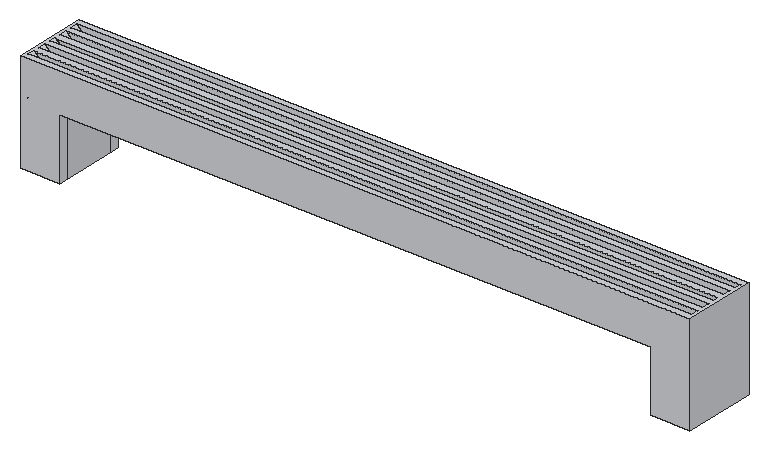
Revit family "SP06", category Mechanical Equipment, Revit 2017
Family settings
  Round Connector Dimension = Use Diameter
  Part Type = Normal
  OmniClass Number = 23.75.00.00
  OmniClass Title = Climate Control (HVAC)
  Work Plane-Based = No
  Always vertical = Yes
  Cut with Voids When Loaded = No
  Shared = No
  Room Calculation Point = No
Parameters
  Width = 131 mm
  Length = 1200 mm
  Leg height = 180 mm
  Height = 180 mm
Reference planes
  plane 1 "Center (Front/Back)": y = 0
  plane 2: z = 0
  plane 3 "Center (Left/Right)": x = 0
  plane 4: x = 0
  plane 5: x = -600
  plane 6: x = 600
  plane 7: x = -595
  plane 8: x = -580
  plane 9: x = 595
  plane 10: x = 580
  plane 11: x = 597
  plane 12: x = -597
  plane 13: z = 180
  plane 14: z = 165
  plane 15: z = 125
  plane 16: z = 110
  plane 17: y = -3
  plane 18: y = -131
  plane 19: y = -128
  plane 20: y = -113
  plane 21: y = -18
  plane 22: x = -530
  plane 23: x = 530
  plane 24: x = -533
  plane 25: x = 533
  plane 26 "Center": y = -65.5
Forms (mm)
  Extrusion 1, solid
    sketch origin (0, 0, 0) x (1, 0, 0) y (0, 0, 1)
      loop
        line (-600, 180) -> (-600, 110) -> (-595, 110) -> (-580, 125) -> (-580, 165) -> (-595, 180) -> (-600, 180)
      loop
        line (600, 180) -> (595, 180) -> (580, 165) -> (580, 125) -> (595, 110) -> (600, 110) -> (600, 180)
    from 0 to 131
  Extrusion 2, solid
    sketch origin (0, 0, 0) x (1, 0, 0) y (0, 1, 0)
      loop
        line (530, -18) -> (533, -18) -> (533, -3) -> (597, -3) -> (597, -128) -> (533, -128) -> (533, -113) -> (530, -113) -> (530, -131) -> (600, -131) -> (600, 0) -> (530, 0) -> (530, -18)
      loop
        line (-530, -18) -> (-530, 0) -> (-600, 0) -> (-600, -131) -> (-530, -131) -> (-530, -113) -> (-533, -113) -> (-533, -128) -> (-597, -128) -> (-597, -3) -> (-533, -3) -> (-533, -18) -> (-530, -18)
    from 0 to 110
  Extrusion 3, solid
    sketch origin (0, 0, 0) x (1, 0, 0) y (0, 1, 0)
      loop
        line (-595, 0) -> (-595, -11) -> (595, -11) -> (595, 0) -> (-595, 0)
    from 110 to 180
  Extrusion 4, solid
    sketch origin (0, -24, 0) x (1, 0, 0) y (0, 1, 0)
      loop
        line (-595, 0) -> (-595, -11) -> (595, -11) -> (595, 0) -> (-595, 0)
    from 110 to 180
  Extrusion 5, solid
    sketch origin (0, -48, 0) x (1, 0, 0) y (0, 1, 0)
      loop
        line (-595, 0) -> (-595, -11) -> (595, -11) -> (595, 0) -> (-595, 0)
    from 110 to 180
  Extrusion 6, solid
    sketch origin (0, -72, 0) x (1, 0, 0) y (0, 1, 0)
      loop
        line (-595, 0) -> (-595, -11) -> (595, -11) -> (595, 0) -> (-595, 0)
    from 110 to 180
  Extrusion 7, solid
    sketch origin (0, -96, 0) x (1, 0, 0) y (0, 1, 0)
      loop
        line (-595, 0) -> (-595, -11) -> (595, -11) -> (595, 0) -> (-595, 0)
    from 110 to 180
  Extrusion 8, solid
    sketch origin (0, -120, 0) x (1, 0, 0) y (0, 1, 0)
      loop
        line (-595, 0) -> (-595, -11) -> (595, -11) -> (595, 0) -> (-595, 0)
    from 110 to 180
  Extrusion 9, solid
    sketch origin (0, 0, 0) x (1, 0, 0) y (0, 1, 0)
      loop
        circle (-553, -53.5) r 10.5
      loop
        circle (-553, -77.5) r 10.5
      loop
        circle (553, -53.5) r 10.5
      loop
        circle (553, -77.5) r 10.5
    from 95 to 110
  Extrusion 10, solid
    sketch origin (0, 0, 0) x (1, 0, 0) y (0, 1, 0)
      loop
        line (-533, -18) -> (-533, -113) -> (-530, -113) -> (-530, -18) -> (-533, -18)
      loop
        line (533, -18) -> (530, -18) -> (530, -113) -> (533, -113) -> (533, -18)
    from 0 to 110
Cuts and joins
  joined: Extrusion 1, Extrusion 2, Extrusion 3, Extrusion 4, Extrusion 5, Extrusion 6, Extrusion 7, Extrusion 8
Dimensions and locks
  equal spacing: plane 5, plane 4, plane 6
  "Length": plane 5 to plane 6
  locked: plane 7 to plane 8 at 15
  locked: plane 5 to plane 7 at 5
  locked: plane 9 to plane 10 at 15
  locked: plane 6 to plane 9 at 5
  locked: plane 11 to plane 6 at 3
  locked: plane 5 to plane 12 at 3
  "Height": plane 13 to level
  locked: plane 13 to plane 14 at 15
  locked: plane 13 to plane 16 at 70
  locked: plane 15 to plane 16 at 15
  "Width": plane 18 to plane 1 "Center (Front/Back)"
  locked: plane 23 to plane 6 at 70
  locked: plane 17 to plane 1 "Center (Front/Back)" at 3
  locked: plane 19 to plane 18 at 3
  locked: plane 21 to plane 1 "Center (Front/Back)" at 18
  locked: plane 20 to plane 18 at 18
  locked: plane 24 to plane 22 at 3
  locked: plane 23 to plane 25 at 3
  Extrusion 3 sketch curve to Extrusion 3 sketch curve = 11 mm
  Extrusion 4 sketch curve to Extrusion 4 sketch curve = 11 mm
  Extrusion 5 sketch curve to Extrusion 5 sketch curve = 11 mm
  Extrusion 6 sketch curve to Extrusion 6 sketch curve = 11 mm
  Extrusion 7 sketch curve to Extrusion 7 sketch curve = 11 mm
  Extrusion 8 sketch curve to Extrusion 8 sketch curve = 11 mm
  locked: plane 5 to plane 22 at 70
  equal spacing: plane 18, plane 26 "Center", plane 1 "Center (Front/Back)"
  Extrusion 9 sketch curve to plane 1 "Center (Front/Back)" = 53.5 mm
  Extrusion 9 sketch curve to plane 18 = 53.5 mm
  locked: plane 5 to Extrusion 9 sketch curve at 47  (x2)
  locked: Extrusion 9 sketch curve to plane 1 "Center (Front/Back)" at 53.5
  locked: Extrusion 9 sketch curve to plane 18 at 53.5
  locked: Extrusion 9 sketch curve to plane 6 at 47  (x2)
  locked: plane 16 to Extrusion 9 at 15
  locked: Extrusion 3 to Extrusion 3 at 11
  locked: Extrusion 4 to Extrusion 3 at 13
  plane 21 to Extrusion 4 to Extrusion 4 = 6 mm locked, 11 mm locked
  locked: Extrusion 5 to Extrusion 4 at 13
  locked: Extrusion 5 to Extrusion 5 at 11
  locked: Extrusion 6 to Extrusion 5 at 13
  locked: Extrusion 6 to Extrusion 6 at 11
  locked: Extrusion 7 to Extrusion 6 at 13
  locked: Extrusion 7 to Extrusion 7 at 11
  locked: Extrusion 8 to Extrusion 7 at 13
  locked: Extrusion 8 to Extrusion 8 at 11
  aligned and locked: level to plane 2
  aligned and locked: plane 5 to Extrusion 1 sketch curve
  aligned and locked: Extrusion 1 sketch curve to plane 8
  aligned and locked: plane 16 to Extrusion 1 sketch curve
  aligned and locked: Extrusion 1 sketch curve to plane 13
  aligned and locked: Extrusion 1 sketch curve to plane 6
  aligned and locked: plane 13 to Extrusion 1 sketch curve
  aligned and locked: plane 10 to Extrusion 1 sketch curve
  aligned and locked: Extrusion 1 sketch curve to plane 16
  aligned and locked: plane 17 to Extrusion 2 sketch curve
  aligned and locked: Extrusion 2 sketch curve to plane 25  (x2)
  aligned and locked: plane 21 to Extrusion 2 sketch curve
  aligned and locked: plane 23 to Extrusion 2 sketch curve  (x2)
  aligned and locked: plane 1 "Center (Front/Back)" to Extrusion 2 sketch curve
  aligned and locked: plane 11 to Extrusion 2 sketch curve
  aligned and locked: plane 6 to Extrusion 2 sketch curve
  aligned and locked: Extrusion 2 sketch curve to plane 19
  aligned and locked: Extrusion 2 sketch curve to plane 20
  aligned and locked: plane 18 to Extrusion 2 sketch curve
  aligned and locked: plane 22 to Extrusion 2 sketch curve  (x2)
  aligned and locked: Extrusion 2 sketch curve to plane 24  (x2)
  aligned and locked: Extrusion 2 sketch curve to plane 21
  aligned and locked: Extrusion 2 sketch curve to plane 1 "Center (Front/Back)"
  aligned and locked: Extrusion 2 sketch curve to plane 17
  aligned and locked: plane 20 to Extrusion 2 sketch curve
  aligned and locked: Extrusion 2 sketch curve to plane 18
  aligned and locked: plane 19 to Extrusion 2 sketch curve
  aligned and locked: Extrusion 2 sketch curve to plane 12
  aligned and locked: Extrusion 2 sketch curve to plane 5
  aligned and locked: plane 16 to Extrusion 2
  aligned and locked: plane 13 to Extrusion 3
  aligned and locked: Extrusion 3 to plane 16
  aligned and locked: Extrusion 8 to plane 9
  aligned and locked: Extrusion 7 to plane 9
  aligned and locked: Extrusion 6 to plane 9
  aligned and locked: Extrusion 5 to plane 9
  aligned and locked: Extrusion 4 to plane 9
  aligned and locked: Extrusion 3 to plane 9
  aligned and locked: plane 16 to Extrusion 9
  aligned and locked: plane 13 to Extrusion 8
  aligned and locked: plane 13 to Extrusion 7
  aligned and locked: plane 13 to Extrusion 6
  aligned and locked: plane 13 to Extrusion 5
  aligned and locked: plane 13 to Extrusion 4
  aligned and locked: Extrusion 8 to plane 16
  aligned and locked: Extrusion 7 to plane 16
  aligned and locked: Extrusion 6 to plane 16
  aligned and locked: Extrusion 5 to plane 16
  aligned and locked: Extrusion 4 to plane 16
  aligned and locked: Extrusion 1 to plane 18
  aligned and locked: Extrusion 10 sketch curve to plane 21
  aligned and locked: plane 24 to Extrusion 10 sketch curve
  aligned and locked: Extrusion 10 sketch curve to plane 22
  aligned and locked: plane 20 to Extrusion 10 sketch curve
  aligned and locked: plane 21 to Extrusion 10 sketch curve
  aligned and locked: Extrusion 2 to Extrusion 10 sketch curve
  aligned and locked: plane 25 to Extrusion 10 sketch curve
  aligned and locked: Extrusion 10 sketch curve to plane 20
  aligned and locked: plane 16 to Extrusion 10
Automatic sketch dimensions
  Extrusion 1 sketch curve to plane 7 = 0 mm  (x2)
  plane 9 to Extrusion 1 sketch curve = 0 mm  (x2)
  Extrusion 1 sketch curve to plane 15 = 0 mm  (x2)
  Extrusion 1 sketch curve to plane 14 = 0 mm  (x2)
  Extrusion 3 sketch curve to Extrusion 3 sketch curve = 1190 mm
  Extrusion 4 sketch curve to Extrusion 4 sketch curve = 1190 mm
  Extrusion 5 sketch curve to Extrusion 5 sketch curve = 1190 mm
  Extrusion 6 sketch curve to Extrusion 6 sketch curve = 1190 mm
  Extrusion 7 sketch curve to Extrusion 7 sketch curve = 1190 mm
  Extrusion 8 sketch curve to Extrusion 8 sketch curve = 1190 mm
  plane 1 "Center (Front/Back)" to Extrusion 3 sketch curve = 0 mm
  Extrusion 3 sketch curve to plane 7 = 0 mm
  Extrusion 4 sketch curve to plane 7 = 0 mm
  Extrusion 4 sketch curve to plane 21 = 17 mm
  Extrusion 5 sketch curve to plane 7 = 0 mm
  Extrusion 5 sketch curve to plane 21 = 41 mm
  Extrusion 6 sketch curve to plane 7 = 0 mm
  Extrusion 6 sketch curve to plane 21 = 65 mm
  Extrusion 7 sketch curve to plane 7 = 0 mm
  Extrusion 7 sketch curve to plane 21 = 89 mm
  Extrusion 8 sketch curve to plane 7 = 0 mm
  Extrusion 8 sketch curve to plane 21 = 113 mm
  radius of Extrusion 9 sketch curve = 10.5 mm  (x4)
